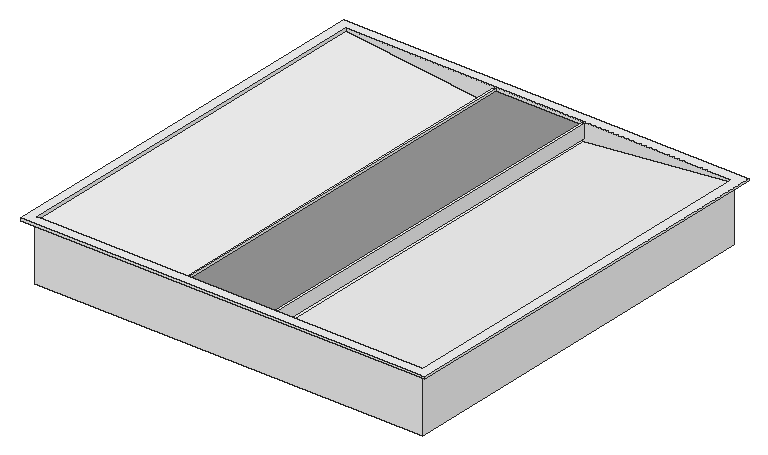
Revit family "2069254", category Lighting Fixtures, host Face, Revit 2017
Family settings
  Host = Face
  Round Connector Dimension = Use Diameter
  Part Type = Normal
  OmniClass Number = 23.80.70.11.17
  OmniClass Title = Specialized Lighting by Location or Use
  Cut with Voids When Loaded = No
  Light Source = Yes
  Shared = No
  Room Calculation Point = No
Parameters (values of type "2069254 OFFICELYTE 600 HO 3K SSH01")
  Width_SYL = 595.0 mm
  Weight = "6.1 kg"
  Wattage = 33 W
  WarrantyStartDate [instance] = "n/a"
  WarrantyGuarantorParts = "n/a"
  WarrantyDurationUnit = "n/a"
  WarrantyDurationParts = "n/a"
  WarrantyDescription = "n/a"
  built-in parameter 1150110 = 1 (stored number, unit not read)
  Voltage = 230 V
  URL = "http://www.sylvania-lighting.com"
  TypeName = "OFFICELYTE 600 HO 3K SSH01"
  built-in parameter 1114217 = 1 (stored number, unit not read)
  Tilt Angle = -90.00°
  built-in parameter 1150109 = 1 (stored number, unit not read)
  built-in parameter 1150134 = (empty or 0)
  built-in parameter 1150113 = 1 (stored number, unit not read)
  SerialNumber [instance] = "n/a"
  PowerFactor = 0.96
  PowerConsumption = "33 W"
  Photometric Web File = "2069254.ies"
  NominalWidth = 0.0 mm
  NominalLength = 595.0 mm
  NominalHeight = 87.0 mm
  Name = "OFFICELYTE 600 HO 3K SSH01"
  ModelReference = "OFFICELYTE 600 HO 3K SSH01"
  ModelNumber = "2069254"
  Material = "zintec housing, acrylic diffuser"
  ManufacturerName = "Feilo Sylvania"
  LuminousEfficacy = "131 lm/W"
  LuminaireType = ""
  LightOutputRatio = "100"
  Length_SYL = Width_SYL  # 595.0 mm
  LampsType = Lamp  # "LED"
  LampNominalLuminous = "4314 lm"
  LampMacAdamStep = "3"
  LampColourTemperature = "3000 K"
  LampColourRenderingIndex = "80"
  Keynote = "16500"
  InstallationDate [instance] = "n/a"
  InputVoltage = "230-240V~"
  InputNominalFrequency = "50/60 Hz"
  IngressProtection = "IP20"
  ImpactProtectionIndex = "IK02"
  IfcExportType = "IfcLightFixtureType"
  IfcExportAs = "IfcLightFixtureType"
  Height_SYL = 84.0 mm
  ExpectedLife = 50000
  ElectricShockClassification = "Class II"
  DurationUnit = "hours"
  DocumentationLiterature = "http://www.sylvania-lighting.com/product/en-int/products/2069254"
  DimmingControlOptions = "n/a"
  Material_2_SYL = Acrylic_Sylvania_Officelyte LP LED_Satin_4000K
  CreatedOn = "8/23/2018"
  CreatedBy = ""
  built-in parameter 1114216 [instance] = 1 (stored number, unit not read)
  Model = "OFFICELYTE 600 HO 3K SSH01"
  Manufacturer = "Havells-Sylvania Group"  # constant formula
  built-in parameter 1150105 = 344.01 (stored number, unit not read)
  Lumens = 4323 lm
  built-in parameter 1150115 = 1 (stored number, unit not read)
  built-in parameter 1150137 = (empty or 0)
  built-in parameter 1150139 = (empty or 0)
  built-in parameter 1150112 = 1 (stored number, unit not read)
  built-in parameter 1150114 = 1 (stored number, unit not read)
  Lamp = "LED"
  built-in parameter 1150132 = 2
  built-in parameter 1150102 = (empty or 0)
  built-in parameter 1150107 = 3000 (stored number, unit not read)
  built-in parameter 1150138 = (empty or 0)
  built-in parameter 1150106 = 3.4401 (stored number, unit not read)
  Material_3_SYL = Steel_Sylvania_Officelyte LP LED_White_RAL 9016
  Emit from Rectangle Width = Width_SYL - 31.0 mm  # 564.0 mm
  Emit from Rectangle Length = Length_SYL - 31.0 mm  # 564.0 mm
  Emit Shape Visible in Rendering = no
  built-in parameter 1150104 = 12.17 (stored number, unit not read)
  Dimming Lamp Color Temperature Shift = <None>
  Material_1_SYL = Steel_Sylvania_Officelyte LP LED_White_RAL 9016
  Description = "The Concord OFFICELYTE LP LED HO 4K 600 is a high efficient luminaire for Office, education, meeting rooms. With efficacy of 95lm/W, at 4549lm, CRI of 85 and a very low glare ratio according to EN12464."  # constant formula
  Default Elevation = 0.0 mm
  Color Filter = 16777215
  built-in parameter 1140040 [instance] = 1
  BarCode [instance] = "n/a"
  built-in parameter 1114218 = 1 (stored number, unit not read)
  built-in parameter 1150133 = 10 (stored number, unit not read)
  AssetType = "Fixed"
  AssetIdentifier [instance] = "n/a"
  Assembly Code = "D5020200"
  Apparent Load = 33 VA
Reference planes
  plane 1 "Center (Front/Back)": y = 0
  plane 2: z = 0
  plane 3 "Center (Left/Right)": x = 0
  plane 4 "Fixture Bottom": z = 3
  plane 5 "Fixture Right": x = 297.5
  plane 6 "Profile Right": x = 284
  plane 7 "Profile Left": x = -284
  plane 8 "Fixture Left": x = -297.5
  plane 9 "Profile Back": y = 284
  plane 10 "Fixture Back": y = 297.5
  plane 11 "Fixture Front": y = -297.5
  plane 12: z = -25
  plane 13 "Box Right": x = 286
  plane 14 "Box Left": x = -286
  plane 15 "Box Back": y = 286
  plane 16 "Box Front": y = -286
  plane 17: x = 66.5
  plane 18: x = -66.5
  plane 19 "Difuser Right": x = 63.5
  plane 20 "Difuser Left": x = -63.5
  plane 21: z = -2
  plane 22: z = -4
  plane 23 "Profile Front": y = -284
  plane 24 "Fixture Top": z = -84
  plane 25 "Box Thickness": z = -82
  plane 26: z = -20
Forms (mm)
  Extrusion 1, void
    sketch origin (0, 0, 59) x (-1, 0, 0) y (0, -1, 0)
      loop
        line (-286, -286) -> (286, -286) -> (286, 286) -> (-286, 286) -> (-286, -286)
    from -141 to -56
  Extrusion 2, solid, material "Steel_Sylvania_Officelyte LP LED_White_RAL 9016" <- "Material_3_SYL", detail levels fine
    sketch origin (20, 0, 59) x (-1, 0, 0) y (0, -1, 0)
      loop
        line (-277.5, -297.5) -> (317.5, -297.5) -> (317.5, 297.5) -> (-277.5, 297.5) -> (-277.5, -297.5)
      loop
        line (304, -284) -> (304, 284) -> (-264, 284) -> (-264, -284) -> (304, -284)
    from -59 to -56
  Extrusion 3, solid, material "Steel_Sylvania_Officelyte LP LED_White_RAL 9016" <- "Material_3_SYL", detail levels fine
    sketch origin (0, 0, 0) x (1, 0, 0) y (0, 0, 1)
      loop
        arc (-65.868, -23.244) -> (-175.523, -17.552) -> (-284, -0.537) r 1059.086
        line (-284, -0.537) -> (-284, -2.581)
        arc (-284, -2.581) -> (-175.521, -19.563) -> (-65.868, -25.244) r 1061.086
        line (-65.868, -25.244) -> (65.87, -25.244)
        arc (65.87, -25.244) -> (175.522, -19.563) -> (284, -2.581) r 1061.094
        line (284, -2.581) -> (284, -0.538)
        arc (284, -0.538) -> (175.524, -17.552) -> (65.87, -23.244) r 1059.094
        line (65.87, -23.244) -> (-65.868, -23.244)
    from -284 to 284
  Extrusion 4, solid, material "Steel_Sylvania_Officelyte LP LED_White_RAL 9016" <- "Material_3_SYL", detail levels fine
    sketch origin (0, 0, 59) x (-1, 0, 0) y (0, -1, 0)
      loop
        line (284, -284) -> (284, 284) -> (-284, 284) -> (-284, -284) -> (284, -284)
      loop
        line (286, -286) -> (286, 286) -> (-286, 286) -> (-286, -286) -> (286, -286)
    from -141 to -59
  Extrusion 5, solid, material "Steel_Sylvania_Officelyte LP LED_White_RAL 9016" <- "Material_3_SYL", detail levels fine
    sketch origin (0, 0, 59) x (-1, 0, 0) y (0, -1, 0)
      loop
        line (66.5, -284) -> (66.5, 284) -> (63.5, 284) -> (63.5, -284) -> (66.5, -284)
      loop
        line (-66.5, 284) -> (-66.5, -284) -> (-63.5, -284) -> (-63.5, 284) -> (-66.5, 284)
    from -79 to -59
  Extrusion 6, solid, material "Acrylic_Sylvania_Officelyte LP LED_Satin_4000K" <- "Material_2_SYL", detail levels fine
    sketch origin (0, 0, -581) x (-1, 0, 0) y (0, -1, 0)
      loop
        line (-63.5, -284) -> (63.5, -284) -> (63.5, 284) -> (-63.5, 284) -> (-63.5, -284)
    from 577 to 579
  Extrusion 7, solid, material "Steel_Sylvania_Officelyte LP LED_White_RAL 9016" <- "Material_1_SYL", detail levels coarse+medium
    sketch origin (0, 0, 59) x (-1, 0, 0) y (0, -1, 0)
      loop
        line (297.5, -297.5) -> (297.5, 297.5) -> (-297.5, 297.5) -> (-297.5, -297.5) -> (297.5, -297.5)
    from -59 to -56
  Extrusion 8, solid, material "Steel_Sylvania_Officelyte LP LED_White_RAL 9016" <- "Material_1_SYL", detail levels coarse+medium
    sketch origin (0, 0, -501) x (-1, 0, 0) y (0, -1, 0)
      loop
        line (286, -286) -> (286, 286) -> (-286, 286) -> (-286, -286) -> (286, -286)
    from 417 to 501
  Extrusion 9, solid, material "Steel_Sylvania_Officelyte LP LED_White_RAL 9016" <- "Material_3_SYL", detail levels fine
    sketch origin (0, 0, 59) x (-1, 0, 0) y (0, -1, 0)
      loop
        line (-286, -286) -> (286, -286) -> (286, 286) -> (-286, 286) -> (-286, -286)
    from -143 to -141
Cuts and joins
  joined: Extrusion 2, Extrusion 4, Extrusion 9
  joined: Extrusion 3, Extrusion 5
Lines and regions (mm)
  symbolic lines
    curve 1: line (-297.5, 297.5, 59) -> (297.5, 297.5, 59)
    curve 2: line (-297.5, -297.5, 59) -> (-297.5, 297.5, 59)
    curve 3: line (297.5, -297.5, 59) -> (-297.5, -297.5, 59)
    curve 4: line (297.5, 297.5, 59) -> (297.5, -297.5, 59)
Dimensions and locks
  "Height_SYL": host face to plane 24 "Fixture Top"
  locked: plane 25 "Box Thickness" to plane 24 "Fixture Top" at 2
  "Width_SYL": plane 10 "Fixture Back" to plane 11 "Fixture Front"
  "Length_SYL": plane 8 "Fixture Left" to plane 5 "Fixture Right"
  equal spacing: plane 10 "Fixture Back", plane 1 "Center (Front/Back)", plane 11 "Fixture Front"
  equal spacing: plane 8 "Fixture Left", plane 3 "Center (Left/Right)", plane 5 "Fixture Right"
  locked: plane 18 to plane 20 "Difuser Left" at 3
  locked: plane 19 "Difuser Right" to plane 17 at 3
  plane 8 "Fixture Left" to plane 14 "Box Left" to plane 7 "Profile Left" = 11.5 mm locked, 2.0 mm locked
  plane 10 "Fixture Back" to plane 15 "Box Back" to plane 9 "Profile Back" = 11.5 mm locked, 2.0 mm locked
  plane 6 "Profile Right" to plane 13 "Box Right" to plane 5 "Fixture Right" = 2.0 mm locked, 11.5 mm locked
  plane 23 "Profile Front" to plane 16 "Box Front" to plane 11 "Fixture Front" = 2.0 mm locked, 11.5 mm locked
  plane 4 "Fixture Bottom" to plane 2 to plane 21 to plane 22 to plane 12 = 3.0 mm locked, 2.0 mm locked, 2.0 mm locked, 21.0 mm locked
  aligned and locked: plane 2 to host face
  aligned and locked: level to host face
  aligned and locked: plane 1 "Center (Front/Back)" to imposter light
  aligned and locked: plane 10 "Fixture Back" to Extrusion 2
  aligned and locked: plane 8 "Fixture Left" to Extrusion 2
  aligned and locked: Extrusion 2 to plane 7 "Profile Left"
  aligned and locked: Extrusion 2 to plane 5 "Fixture Right"
  aligned and locked: plane 6 "Profile Right" to Extrusion 2
  aligned and locked: Extrusion 2 to plane 11 "Fixture Front"
  aligned and locked: plane 4 "Fixture Bottom" to Extrusion 2
  aligned and locked: plane 18 to Extrusion 5 sketch curve
  aligned and locked: Extrusion 5 sketch curve to plane 17
  aligned and locked: plane 19 "Difuser Right" to Extrusion 5 sketch curve
  aligned and locked: Extrusion 5 sketch curve to plane 20 "Difuser Left"
  aligned and locked: plane 19 "Difuser Right" to Extrusion 6 sketch curve
  aligned and locked: Extrusion 6 sketch curve to plane 20 "Difuser Left"
  aligned and locked: plane 21 to Extrusion 6
  aligned and locked: Extrusion 6 to plane 22
  aligned and locked: Extrusion 7 sketch curve to plane 10 "Fixture Back"
  aligned and locked: plane 5 "Fixture Right" to Extrusion 7 sketch curve
  aligned and locked: plane 11 "Fixture Front" to Extrusion 7 sketch curve
  aligned and locked: Extrusion 7 sketch curve to plane 8 "Fixture Left"
  aligned and locked: plane 4 "Fixture Bottom" to Extrusion 7
  aligned and locked: Extrusion 8 to plane 24 "Fixture Top"
  aligned and locked: level to Extrusion 8
  aligned and locked: plane 5 "Fixture Right" to curve 4
  aligned and locked: curve 1 to plane 10 "Fixture Back"
  aligned and locked: curve 2 to plane 8 "Fixture Left"
  aligned and locked: plane 11 "Fixture Front" to curve 3
  aligned and locked: plane 9 "Profile Back" to Extrusion 4
  aligned and locked: Extrusion 4 sketch curve to plane 9 "Profile Back"
  aligned and locked: Extrusion 4 to Extrusion 1
  aligned and locked: imposter light to Extrusion 1
  aligned and locked: Extrusion 9 to plane 24 "Fixture Top"
  aligned and locked: plane 25 "Box Thickness" to Extrusion 9
  aligned and locked: cut or joined group of Extrusion 2, Extrusion 4, Extrusion 9 to plane 25 "Box Thickness"
  aligned and locked: Extrusion 4 sketch curve to plane 13 "Box Right"
  aligned and locked: plane 15 "Box Back" to Extrusion 4 sketch curve
  aligned and locked: Extrusion 4 sketch curve to plane 14 "Box Left"
  aligned and locked: plane 16 "Box Front" to Extrusion 4 sketch curve
  aligned and locked: Extrusion 9 sketch curve to plane 16 "Box Front"
  aligned and locked: plane 13 "Box Right" to Extrusion 9 sketch curve
  aligned and locked: Extrusion 9 sketch curve to plane 15 "Box Back"
  aligned and locked: Extrusion 9 sketch curve to plane 14 "Box Left"
  aligned and locked: plane 7 "Profile Left" to cut or joined group of Extrusion 3, Extrusion 5
  aligned and locked: cut or joined group of Extrusion 3, Extrusion 5 to plane 6 "Profile Right"
  aligned and locked: plane 9 "Profile Back" to cut or joined group of Extrusion 3, Extrusion 5
  aligned and locked: cut or joined group of Extrusion 3, Extrusion 5 to plane 23 "Profile Front"
  aligned and locked: plane 23 "Profile Front" to Extrusion 5 sketch curve
  aligned and locked: Extrusion 5 sketch curve to plane 9 "Profile Back"
  aligned and locked: Extrusion 8 sketch curve to plane 13 "Box Right"
  aligned and locked: plane 15 "Box Back" to Extrusion 8 sketch curve
  aligned and locked: plane 16 "Box Front" to Extrusion 8 sketch curve
  aligned and locked: plane 14 "Box Left" to Extrusion 8 sketch curve
  aligned and locked: Extrusion 1 sketch curve to Extrusion 8  (x4)
  aligned and locked: Extrusion 6 sketch curve to plane 23 "Profile Front"
  aligned and locked: plane 9 "Profile Back" to Extrusion 6 sketch curve
  aligned and locked: cut or joined group of Extrusion 3, Extrusion 5 to plane 26
  aligned and locked: plane 4 "Fixture Bottom" to imposter light
Automatic sketch dimensions
  host sketch curve to host sketch curve = 1305.563 mm
  host sketch curve to host sketch curve = 1414.187 mm
  Extrusion 2 sketch curve to plane 5 "Fixture Right" = 0.0 mm
  Extrusion 2 sketch curve to plane 6 "Profile Right" = 0.0 mm
  Extrusion 2 sketch curve to plane 7 "Profile Left" = 0.0 mm
  Extrusion 2 sketch curve to plane 8 "Fixture Left" = 0.0 mm
  Extrusion 2 sketch curve to plane 10 "Fixture Back" = 0.0 mm
  plane 9 "Profile Back" to Extrusion 2 sketch curve = 0.0 mm
  Extrusion 2 sketch curve to plane 23 "Profile Front" = 0.0 mm
  Extrusion 2 sketch curve to plane 11 "Fixture Front" = 0.0 mm
  Extrusion 3 sketch curve to Extrusion 3 sketch curve = 0.0 mm  (x2)
  Extrusion 3 sketch curve to Extrusion 3 sketch curve = 0.001 mm  (x2)
  Extrusion 3 sketch curve to level = 0.537 mm
  plane 14 "Box Left" to Extrusion 3 sketch curve = 2.0 mm
  Extrusion 3 sketch curve to plane 12 = 0.244 mm
  plane 18 to Extrusion 3 sketch curve = 0.632 mm
  Extrusion 3 sketch curve to plane 17 = 0.63 mm
  Extrusion 3 sketch curve to level = 0.538 mm
  Extrusion 3 sketch curve to plane 13 "Box Right" = 2.0 mm
  Extrusion 3 sketch curve to level = 23.244 mm
  Extrusion 4 sketch curve to plane 6 "Profile Right" = 0.0 mm
  Extrusion 4 sketch curve to plane 7 "Profile Left" = 0.0 mm
  Extrusion 4 sketch curve to plane 23 "Profile Front" = 0.0 mm
  Extrusion 5 sketch curve to plane 9 "Profile Back" = 0.0 mm
  Extrusion 5 sketch curve to plane 23 "Profile Front" = 0.0 mm
Connectors
  electrical at (0, 0, -84), driven by "Apparent Load"
    settings: on Extrusion 8, index 1, voltage 230 V, apparent load 0 VA, apparent load phase1 33 VA, apparent load phase2 0 VA, apparent load phase3 0 VA, power factor 1, load classification "Lighting", number of poles 1, system type 31, power factor state 1, is connector primary yes, connector utility no, sub classification motor no, connector description ""
